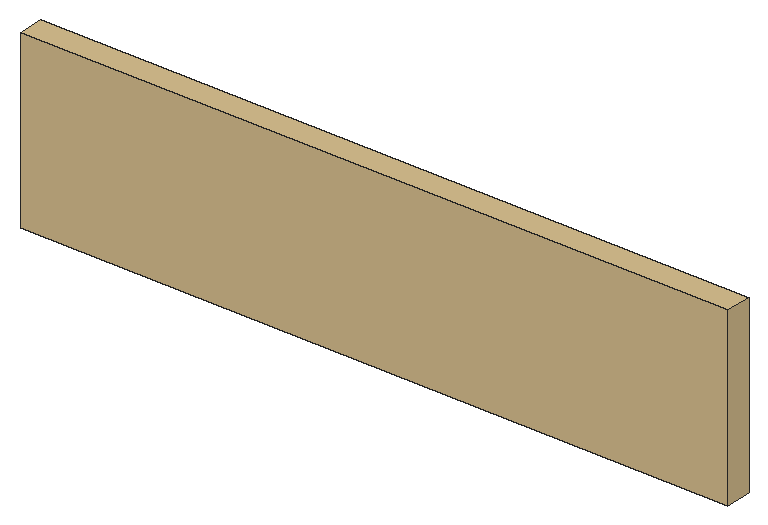
Revit family "M_LVL-Painéis laminados estruturais", category Quadro estrutural, Revit 2019
Family settings
  Arredondamento do comprimento do framing estrutural = 0 mm
  Forma do corte = Não definido
  Material para o comportamento do modelo = Madeira
  Exportar sempre como geometria = Não
  Número OmniClass = 23.25.30.11.14.14
  Título OmniClass = Beams
  ID de item do Seek = LVL-Laminated Veneer Lumber-0000-CAN-ENU
  Sempre na vertical = Sim
  Corte com vazios quando carregada = Não
  Representação simbólica = Das configurações de projeto
  Compartilhado = Não
  Exibir o pré-corte da família na vista da planta = Sim
Parameters (values of type "44X302")
  Structural Material [instance] = Madeira de Conífera, Madeira
  Length [instance] = 1524 mm
  b = 44 mm
  d = 302 mm
Types (3, lengths in mm): name | b | d
  (no name) | 44 | 302
  44X302 | 44 | 302
  89X356 | 89 | 356
Reference planes
  plane 1 "Centro (Frente/Trás)": y = 0
  plane 2: z = 0
  plane 3 "Centro (Esquerda/Direita)": x = 4.61
  plane 4 "Membro esquerdo": x = -604.99
  plane 5 "Membro direito": x = 614.21
  plane 6: y = 22
  plane 7: y = -22
  plane 8: z = 151
  plane 9: z = -151
  plane 10 "Esquerda": x = -757.39
  plane 11 "Símbolo esquerdo de verga": x = -452.59
  plane 12 "Símbolo direito de verga": x = 461.81
  plane 13 "Direita": x = 766.61
Forms (mm)
  Sweep 1, solid, material "Madeira de Conífera, Madeira" <- "Structural Material", detail levels medium+fine
    path origin (0, 0, 0) x (1, 0, 0) y (0, 1, 0)
      loop
        line (614.21, 0) -> (-604.99, 0)
    profile "M_Viga de madeira retangular-Perfil : M_Viga de madeira retangular-Perfil" origin (4.61, 0, 0) x (0, -1, 0) y (0, 0, 1)
      loop
        line (-22, -151) -> (22, -151) -> (22, 151) -> (-22, 151) -> (-22, -151)
Lines and regions (mm)
  symbolic lines, style "Símbolos de vara", detail levels coarse
    curve 1: line (4.61, 22, 151) -> (4.61, -22, 151)
    curve 2: line (4.61, -22, -151) -> (4.61, 22, -151)
    curve 3: line (4.61, 22, -151) -> (4.61, 22, 151)
    curve 4: line (4.61, -22, 151) -> (4.61, -22, -151)
Dimensions and locks
  "b": plane 6 to plane 7
  "d": plane 9 to plane 8
  equal spacing: plane 9, plane 2, plane 8
  equal spacing: plane 6, plane 1 "Centro (Frente/Trás)", plane 7
  "Length": plane 10 "Esquerda" to plane 13 "Direita"
  aligned and locked: Sweep 1 sketch curve to plane 1 "Centro (Frente/Trás)"
  aligned and locked: curve 1 to Sweep 1
  aligned and locked: curve 2 to Sweep 1
  aligned and locked: curve 3 to Sweep 1
  aligned and locked: curve 4 to Sweep 1
  aligned and locked: plane 4 "Membro esquerdo" to Sweep 1 sketch curve
  aligned and locked: plane 5 "Membro direito" to Sweep 1 sketch curve
